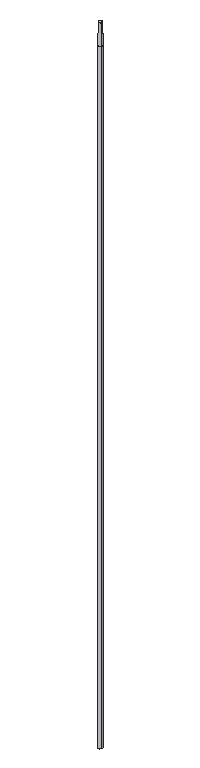
Revit family "TEZIZ_Молниеприемники серии ММ-Т013", category Соединительные детали кабельных лотков, Revit 2018
Family settings
  Размер круглого соединителя = Использовать диаметр
  Тип детали = Мультипорт канального
  Номер OmniClass = 23.80.30.17.17
  Заголовок OmniClass = Cable Trays and Horizontal Racks
  На основе рабочей плоскости = Да
  Всегда вертикально = Нет
  При загрузке вырезать с полостями = Нет
  Общий = Да
Parameters (values of type "ММ-Т013-30")
  Спец.ТипМаркаОбозначДокумента [instance] = "ММ-Т013"
  Спец.Примечание [instance] = ""
  Спец.Позиция [instance] = ""
  Спец.НаименованиеИТехнХар [instance] = "ММ-Т013-30 Молниеприемник стержневой М16, h-3.0 м, медь"
  Спец.МассаТекст [instance] = "5.38"
  Спец.Количество [instance] = 1  # constant formula
  Спец.КодОборудИзделияМатериала [instance] = "Т001305"
  Спец.Изготовитель [instance] = "АО «ТЭЗИЗ»"  # constant formula
  Спец.ЕдИзм [instance] = "шт."  # constant formula
  Рзм.А = 16.00 mm  # constant formula
  Рзм.S = 40.00 mm  # constant formula
  Рзм.L = 3000.00 mm
  built-in parameter 1140111 [instance] = (empty or 0)
  Default Elevation = 1219.20 mm
  Мтрл.ТипМатериала = none
Types (6, lengths in mm): name | Спец.НаименованиеИТехнХар | Спец.МассаТекст | Спец.КодОборудИзделияМатериала | Рзм.L
  ММ-Т013-05 | "ММ-Т013-05 Молниеприемник стержневой М16, h-0.5 м, медь" | "0.9" | "Т001300" | 500.00
  ММ-Т013-30 | "ММ-Т013-30 Молниеприемник стержневой М16, h-3.0 м, медь" | "5.38" | "Т001305" | 3000.00
  ММ-Т013-25 | "ММ-Т013-25 Молниеприемник стержневой М16, h-2.5 м, медь" | "4.49" | "Т001304" | 2500.00
  ММ-Т013-20 | "ММ-Т013-20 Молниеприемник стержневой М16, h-2.0 м, медь" | "3.59" | "Т001303" | 2000.00
  ММ-Т013-15 | "ММ-Т013-15 Молниеприемник стержневой М16, h-1.5 м, медь" | "2.69" | "Т001302" | 1500.00
  ММ-Т013-10 | "ММ-Т013-10 Молниеприемник стержневой М16, h-1.0 м, медь" | "1.79" | "Т001301" | 1000.00
Reference planes
  plane 1 "По центру (Вперед/Назад)": y = 0
  plane 2: z = 0
  plane 3 "По центру (Влево/Вправо)": x = 0
  plane 4: z = 3000
  plane 5: y = -8
  plane 6: y = 8
  plane 7: x = 8
  plane 8: x = -8
  plane 9: z = 2900
  plane 10: z = 2995
Forms (mm)
  Extrusion 1, solid, material <- "Мтрл.ТипМатериала"
    sketch origin (0, 0, 0) x (1, 0, 0) y (0, 1, 0)
      loop
        circle (0, 0) r 8
    from 0 to 2900
  Revolve 2, solid, material <- "Мтрл.ТипМатериала"
    sketch origin (0, 0, 0) x (1, 0, 0) y (0, 0, 1)
      loop
        arc (0, 3000) -> (-3.536, 2998.536) -> (-5, 2995) r 5
        line (-5, 2995) -> (-8, 2900) -> (0, 2900) -> (0, 3000)
      axis (0, 3000) -> (0, 2900)
    angle from 0 to 360
Cuts and joins
  joined: Extrusion 1, Revolve 2
Dimensions and locks
  "Рзм.L": plane 4 to level
  equal spacing: plane 6, plane 1 "По центру (Вперед/Назад)", plane 5
  "Рзм.А": plane 5 to plane 6
  equal spacing: plane 8, plane 3 "По центру (Влево/Вправо)", plane 7
  "Рзм.А": plane 8 to plane 7
  locked: plane 4 to plane 9 at 100
  locked: plane 4 to plane 10 at 5
  "Рзм.А": diameter of Extrusion 1 sketch curve
  aligned and locked: Extrusion 1 to level
  aligned and locked: plane 9 to Extrusion 1
  aligned and locked: plane 4 to Revolve 2 sketch curve
  aligned and locked: plane 8 to Revolve 2 sketch curve
  aligned and locked: plane 3 "По центру (Влево/Вправо)" to Revolve 2 sketch curve
  aligned and locked: Revolve 2 sketch curve to plane 9
Automatic sketch dimensions
  Revolve 2 sketch curve to plane 10 = 0.00 mm
  Revolve 2 sketch curve to plane 3 "По центру (Влево/Вправо)" = 0.00 mm
  Revolve 2 sketch curve to plane 4 = 0.00 mm
  Revolve 2 sketch curve to plane 4 = 2.50 mm
  plane 1 "По центру (Вперед/Назад)" to Extrusion 1 sketch curve = 0.00 mm
  Extrusion 1 sketch curve to plane 3 "По центру (Влево/Вправо)" = 0.00 mm
